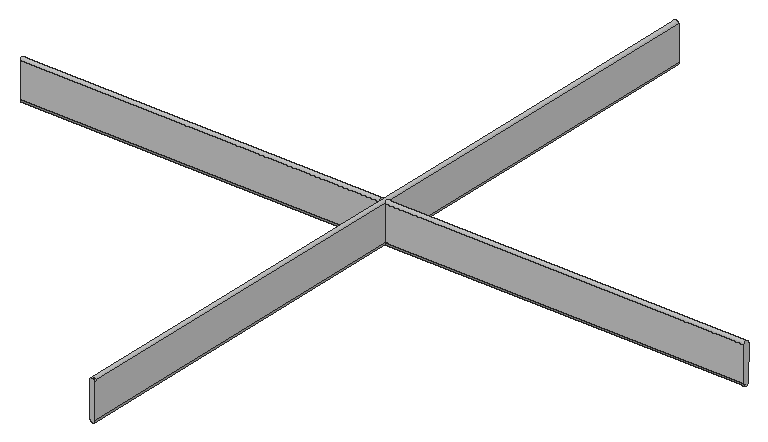
Revit family "Wall_Expansion_Joint-Emseal-Emshield-WFR2-(0.5-6-Inch)-Cross", category Specialty Equipment, host Face, Revit 2019
Family settings
  Host = Face
  Round Connector Dimension = Use Diameter
  Part Type = Normal
  OmniClass Number = 23.25.30.24
  OmniClass Title = Structural Walls
  Cut with Voids When Loaded = No
  Shared = No
  Room Calculation Point = No
Parameters (values of type "REFER TO TYPE CATALOG")
  Width = 0' - 0 1/2"
  Water Penetration of Curtain Wall By Uniform Static Air Pressure Difference (ASTM E331-00) = "No water penetration - 15 minute duration at 500 Delta-P(Pa), 1000 Delta-P(Pa),  and 5000 Delta-P(Pa)"  # constant formula
  URL = "http://www.emseal.com/"
  Tornado Resistance (Air Leakage) (ASTM E283) = "Tested to 200 mph with essentially no deflection"  # constant formula
  Top Length [instance] = 3' - 0"
  Thermal Conductivity (ASTM C518) = "0.9824 BTU*in/h*ft^2*F (0.1417 W/m*K)"  # constant formula
  Tensile Strength (ASTM D3574) = "21 psi min;  145 kPa"  # constant formula
  Temperature Range (ASTM C711) = "185°F (85°C) to -40°F (-40°C)"  # constant formula
  Standard Test Method For Structural Performance of Exterior Windows, Doors, Sylights and Curtain Walls by Uniform Static Air Pressure Difference (ASTM E330) = "1.9mm @ 4854Pa (200mph) 6-Inch width"  # constant formula
  Staining (ASTM C510) = "None"  # constant formula
  Seal Material Note = "WFR3 has a layer of Intumescent Sealant underneath the layers of silicone on both sides"  # constant formula
  Seal Material = Silicone - Sikasil WS-295
  STC Rating (Sound Transmission Class) (ASTM E90) = "STC 64 (in a STC 68 wall)"  # constant formula
  Right Length [instance] = 3' - 0"
  Rate of Air Leakage (ASTM E283) = "Passed"  # constant formula
  R Value Range (ASTM C518) = "1.03 per 1-inch (25mm) depth"  # constant formula
  Product data url = "https://cdn.emseal.com/wp-content/uploads/2016/06/emshield-wfr2-tech-data-2-hour-fire-rated-expansion-joint-wall-emseal.pdf"
  Product Page URL = "https://www.emseal.com/product/wfr2-fire-rated-wall-expansion-joint/"
  Product Documentation Link = "https://cdn.emseal.com/wp-content/uploads/2016/06/emshield-wfr2-tech-data-2-hour-fire-rated-expansion-joint-wall-emseal.pdf"
  Pick Resistant = "No"  # constant formula
  OITC Rating (Outdoor/Indoor Transmission Class) = "OITC 52 (in a OITC 52 wall)"  # constant formula
  Number of Sticks Required [instance] = (Right Length + Left Length + Top Length + Bottom Length) / 6' 6 23/32"  # 1.8293
  Movement (of Nominal Material Size) = "+/- 50%"
  Model = "WFR2"
  Manufacturer = "Emseal"  # constant formula
  Left Length [instance] = 3' - 0"
  Host Thickness = 0' 0" - Depth  # -0' - 4"
  Fire Resistance and Movement Cycling Regime (UL 2079, ASTM E1966, ASTM E119, ASTM E1399) = "Passed"  # constant formula
  Fire Rating (Hours per UL2079) = "2"
  Fire Rated Movement Rating (UL2079) = "Class II, III"  # constant formula
  Durometer Hardness of Silicone Coating (ASTM D2240) = "Shore A: 15"  # constant formula
  Description = "Fire Rated, Watertight, Sound Dampening, Primary Seal for Interior and Exterior Wall Expansion Joints"  # constant formula
  Depth = 0' - 4"
  Default Elevation = 4' - 0"
  Bottom Length [instance] = 3' - 0"
  Assembly Code = "B2010"
  Air Permeability (ASTM E283-04) = "0.00017 L/(s-m²) @ 75 Delta-P(Pa) 0.00017 L(s-m²) @ 250 Delta-P(Pa)"  # constant formula
  ABAA Compliance = "YES"  # constant formula
Reference planes (in)
  plane 1 "Center (Front/Back)": y = 0
  plane 2: z = 0
  plane 3 "Center (Left/Right)": x = 0
  plane 4: y = 36.25
  plane 5: y = -36.25
  plane 6: x = -0.25
  plane 7: x = 0.25
  plane 8: z = -4
  plane 9: y = -0.25
  plane 10: y = 0.25
  plane 11: x = -36
  plane 12: x = 36
  plane 13 "MR": z = 3.75
Forms (in)
  Extrusion 1, void
    sketch origin (0, 0, 0) x (1, 0, 0) y (0, 1, 0)
      loop
        line (-0.25, -36.25) -> (0.25, -36.25) -> (0.25, 36.25) -> (-0.25, 36.25) -> (-0.25, -36.25)
    from -120 to 0
  Extrusion 2, void
    sketch origin (0, 0, 0) x (1, 0, 0) y (0, 1, 0)
      loop
        line (-36, -0.25) -> (36, -0.25) -> (36, 0.25) -> (-36, 0.25) -> (-36, -0.25)
    from -120 to 0
Lines and regions (in)
  symbolic lines, detail levels medium+fine
    curve 1: line (-0.25, 0.25, 3.75) -> (-0.25, -0.25, 3.75)
    curve 2: line (0.25, 0.25, 3.75) -> (0.25, -0.25, 3.75)
Dimensions and locks (in)
  equal spacing: plane 6, plane 3 "Center (Left/Right)", plane 7
  "Width": plane 6 to plane 7
  level to plane 8 = 0' - 4"
  equal spacing: plane 9, plane 1 "Center (Front/Back)", plane 10
  "Width": plane 10 to plane 9
  "Left Length": plane 11 to plane 3 "Center (Left/Right)"
  "Right Length": plane 3 "Center (Left/Right)" to plane 12
  "Bottom Length": plane 9 to plane 5
  "Top Length": plane 4 to plane 10
  aligned and locked: host face to plane 2
  aligned and locked: host face to level
  aligned and locked: Extrusion 1 sketch curve to plane 5
  aligned and locked: Extrusion 1 sketch curve to plane 7
  aligned and locked: Extrusion 1 sketch curve to plane 6
  aligned and locked: Extrusion 1 sketch curve to plane 4
  aligned and locked: plane 2 to Extrusion 1
  aligned and locked: Extrusion 2 sketch curve to plane 9
  aligned and locked: Extrusion 2 sketch curve to plane 10
  aligned and locked: Extrusion 2 sketch curve to plane 11
  aligned and locked: plane 12 to Extrusion 2
  aligned and locked: plane 9 to curve 2
  aligned and locked: plane 10 to curve 2
  aligned and locked: plane 10 to curve 1
  aligned and locked: plane 9 to curve 1
  aligned and locked: plane 4 to nested 1
  aligned and locked: plane 5 to nested 1
  aligned and locked: nested 3 to plane 7
  aligned and locked: nested 2 to plane 6
  aligned and locked: nested 2 to plane 11
  aligned and locked: nested 3 to plane 12
  aligned and locked: nested 2 to plane 1 "Center (Front/Back)"
  aligned and locked: nested 3 to plane 1 "Center (Front/Back)"
  aligned and locked: plane 3 "Center (Left/Right)" to nested 1
Automatic sketch dimensions
  host sketch curve to host sketch curve = 21' - 11.44583"
  host sketch curve to host sketch curve = 17' - 2.14829"
  plane 6 to Extrusion 2 sketch curve = 3' - 0 1/4"
  curve 2 to plane 7 = 0' - 0"
  curve 1 to plane 6 = 0' - 0"
Nested families (in)
  nested 1: "EmShield_WFR_Bellow_Facebased" at (0, 0, 0), Width <- "Width", Depth <- "Depth", Seal Material <- "Seal Material", type "WFR"
    with Width 0' - 0 1/2", Triple Bellow no, Single Bellow yes, Seal Material Silicone - Sikasil WS-295, Quad Bellow no, Pent Bellow no, Length 6' - 0 1/2", Depth 0' - 4", Calc Width Triple 0' - 1 1/2", Calc Width Single 0' - 0 1/2", Calc Width Quad 0' - 3 131/256", Calc Width Pent 0' - 4 1/2"
  nested 2: "EmShield_WFR_Bellow_Facebased" at (-18.125, 0, 0) x (0, 1, 0) z (0, 0, 1), Width <- "Width", Depth <- "Depth", Seal Material <- "Seal Material", type "WFR"
    with Width 0' - 0 1/2", Triple Bellow no, Single Bellow yes, Seal Material Silicone - Sikasil WS-295, Quad Bellow no, Pent Bellow no, Length 2' - 11 3/4", Depth 0' - 4", Calc Width Triple 0' - 1 1/2", Calc Width Single 0' - 0 1/2", Calc Width Quad 0' - 3 131/256", Calc Width Pent 0' - 4 1/2"
  nested 3: "EmShield_WFR_Bellow_Facebased" at (18.125, 0, 0) x (0, 1, 0) z (0, 0, 1), Width <- "Width", Depth <- "Depth", Seal Material <- "Seal Material", type "WFR"
    with Width 0' - 0 1/2", Triple Bellow no, Single Bellow yes, Seal Material Silicone - Sikasil WS-295, Quad Bellow no, Pent Bellow no, Length 2' - 11 3/4", Depth 0' - 4", Calc Width Triple 0' - 1 1/2", Calc Width Single 0' - 0 1/2", Calc Width Quad 0' - 3 131/256", Calc Width Pent 0' - 4 1/2"
Definition of nested family "EmShield_WFR_Bellow_Facebased"
  Parameters
    Width [instance] = 0' - 4 3/4"
    Triple Bellow [instance] = and(Width > 0' 1 125/256", Width < 0' 3 131/256")  # no
    Single Bellow [instance] = Width < 0' 1 67/256"  # no
    Seal Material [instance] = none
    Quad Bellow [instance] = and(Width > 0' 3 189/256", Width < 0' 4 131/256")  # no
    Pent Bellow [instance] = and(Width > 0' 4 189/256", Width < 0' 6 3/256")  # yes
    Length [instance] = 7' - 0"
    Depth [instance] = 0' - 4"
    Default Elevation = 4' - 0"
    Calc Width Triple [instance] = if(or(Width > 0' 3 131/256", Width < 0' 1 125/256"), 0' 1 1/2", Width)  # 0' - 1 1/2"
    Calc Width Single [instance] = if(Width > 0' 1 67/256", 0' 1 67/256", Width)  # 0' - 1 67/256"
    Calc Width Quad [instance] = if(or(Width > 0' 4 131/256", Width < 0' 3 189/256"), 0' 3 131/256", Width)  # 0' - 3 131/256"
    Calc Width Pent [instance] = if(or(Width > 0' 6 3/256", Width < 0' 4 125/256"), 0' 4 1/2", Width)  # 0' - 4 3/4"
  Reference planes (in)
    plane 1 "Center (Front/Back)": y = 0
    plane 2: z = 0
    plane 3 "Center (Left/Right)": x = 0
    plane 4: y = 42
    plane 5: y = -42
    plane 6: x = -0.75
    plane 7: x = 0.75
    plane 8: z = -4
    plane 9: x = -0.87793
    plane 10: x = 0.87793
    plane 11: x = -0.25
    plane 12: x = 0.25
    plane 13: x = -1.75586
    plane 14: x = 1.75586
    plane 15: x = -0.63086
    plane 16: x = 0.63086
    plane 17: x = -2.375
    plane 18: x = 2.375
    plane 19: x = -5.625
    plane 20: x = 5.875
    plane 21: x = -1.425
    plane 22: x = -0.475
    plane 23: x = 0.475
    plane 24: x = -2.375
    plane 25: x = 2.375
    plane 26: x = 1.425
  Forms (in)
    Extrusion 1, solid
      sketch origin (0, 0, 0) x (1, 0, 0) y (0, 1, 0)
        loop
          line (-48, 48) -> (-48, -48) -> (48, -48) -> (48, 48) -> (-48, 48)
      from 0 to -12
    Extrusion 2, solid, material <- "Seal Material", visible <- "Quad Bellow", detail levels medium+fine
      sketch origin (0, 0, 0) x (1, 0, 0) y (0, 0, 1)
        loop
          line (1.75586, -3.56106) -> (1.75586, -0.43896)
          arc (1.75586, -0.43896) -> (1.31689, 0) -> (0.87793, -0.43896) r 0.43896
          arc (0.87793, -0.43896) -> (0.43896, 0) -> (0, -0.43896) r 0.43896
          arc (0, -0.43896) -> (-0.43896, 0) -> (-0.87793, -0.43896) r 0.43896
          arc (-0.87793, -0.43896) -> (-1.31689, 0) -> (-1.75586, -0.43896) r 0.43896
          line (-1.75586, -0.43896) -> (-1.75586, -3.56106)
          arc (-1.75586, -3.56106) -> (-1.31689, -4.00002) -> (-0.87793, -3.56106) r 0.43896
          arc (-0.87793, -3.56106) -> (-0.43896, -4.00002) -> (0, -3.56106) r 0.43896
          arc (0, -3.56106) -> (0.43896, -4.00002) -> (0.87793, -3.56106) r 0.43896
          arc (0.87793, -3.56106) -> (1.31689, -4.00002) -> (1.75586, -3.56106) r 0.43896
      from -42 to 42
    Extrusion 3, solid, material <- "Seal Material", visible <- "Triple Bellow", detail levels medium+fine
      sketch origin (0, 0, 0) x (1, 0, 0) y (0, 0, 1)
        loop
          line (-0.75, -0.25) -> (-0.75, -3.75)
          arc (-0.75, -3.75) -> (-0.5, -4) -> (-0.25, -3.75) r 0.25
          arc (-0.25, -3.75) -> (0, -4) -> (0.25, -3.75) r 0.25
          arc (0.25, -3.75) -> (0.5, -4) -> (0.75, -3.75) r 0.25
          line (0.75, -3.75) -> (0.75, -0.25)
          arc (0.75, -0.25) -> (0.5, 0) -> (0.25, -0.25) r 0.25
          arc (0.25, -0.25) -> (0, 0) -> (-0.25, -0.25) r 0.25
          arc (-0.25, -0.25) -> (-0.5, 0) -> (-0.75, -0.25) r 0.25
      from -42 to 42
    Extrusion 4, solid, material <- "Seal Material", visible <- "Single Bellow", detail levels medium+fine
      sketch origin (0, 0, 0) x (1, 0, 0) y (0, 0, 1)
        loop
          line (-0.63086, -0.63086) -> (-0.63086, -3.36914)
          arc (-0.63086, -3.36914) -> (0, -4) -> (0.63086, -3.36914) r 0.63086
          line (0.63086, -3.36914) -> (0.63086, -0.63086)
          arc (0.63086, -0.63086) -> (0, 0) -> (-0.63086, -0.63086) r 0.63086
      from -42 to 42
    Extrusion 5, solid, material <- "Seal Material", detail levels coarse
      sketch origin (0, 0, 0) x (1, 0, 0) y (0, 0, 1)
        loop
          line (2.375, -4) -> (2.375, 0) -> (-2.375, 0) -> (-2.375, -4) -> (2.375, -4)
      from -42 to 42
    Extrusion 6, solid, material <- "Seal Material", visible <- "Pent Bellow", detail levels medium+fine
      sketch origin (0, 0, 0) x (1, 0, 0) y (0, 0, 1)
        loop
          line (-2.375, -0.475) -> (-2.375, -3.52513)
          arc (-2.375, -3.52513) -> (-1.9, -4.00013) -> (-1.425, -3.52513) r 0.475
          arc (-1.425, -3.52513) -> (-0.95, -4.00013) -> (-0.475, -3.52513) r 0.475
          arc (-0.475, -3.52513) -> (0, -4.00013) -> (0.475, -3.52513) r 0.475
          arc (0.475, -3.52513) -> (0.95, -4.00013) -> (1.425, -3.52513) r 0.475
          arc (1.425, -3.52513) -> (1.9, -4.00013) -> (2.375, -3.52513) r 0.475
          line (2.375, -3.52513) -> (2.375, -0.475)
          arc (2.375, -0.475) -> (1.9, 0) -> (1.425, -0.475) r 0.475
          arc (1.425, -0.475) -> (0.95, 0) -> (0.475, -0.475) r 0.475
          arc (0.475, -0.475) -> (0, 0) -> (-0.475, -0.475) r 0.475
          arc (-0.475, -0.475) -> (-0.95, 0) -> (-1.425, -0.475) r 0.475
          arc (-1.425, -0.475) -> (-1.9, 0) -> (-2.375, -0.475) r 0.475
      from -42 to 42
  Lines and regions (in)
    Masking region 1
      outline origin (0, 0, 2.62265) x (-1, 0, 0) y (0, -1, 0)
        loop
          line (2.375, -42) -> (2.375, 42) -> (-2.375, 42) -> (-2.375, -42) -> (2.375, -42)
    Masking region 2, detail levels coarse
      outline origin (0, 0, 0) x (1, 0, 0) y (0, 0, 1)
        loop
          line (2.375, 0) -> (-2.375, 0) -> (-2.375, -4) -> (2.375, -4) -> (2.375, 0)
    Masking region 3, visible <- "Pent Bellow", detail levels medium+fine
      outline origin (0, 0, 0) x (1, 0, 0) y (0, 0, 1)
        loop
          arc (-1.425, -0.475) -> (-1.9, 0) -> (-2.375, -0.475) r 0.475
          line (-2.375, -0.475) -> (-2.375, -3.52513)
          arc (-2.375, -3.52513) -> (-1.9, -4.00013) -> (-1.425, -3.52513) r 0.475
          arc (-1.425, -3.52513) -> (-0.95, -4.00013) -> (-0.475, -3.52513) r 0.475
          arc (-0.475, -3.52513) -> (0, -4.00013) -> (0.475, -3.52513) r 0.475
          arc (0.475, -3.52513) -> (0.95, -4.00013) -> (1.425, -3.52513) r 0.475
          arc (1.425, -3.52513) -> (1.9, -4.00013) -> (2.375, -3.52513) r 0.475
          line (2.375, -3.52513) -> (2.375, -0.475)
          arc (2.375, -0.475) -> (1.9, 0) -> (1.425, -0.475) r 0.475
          arc (1.425, -0.475) -> (0.95, 0) -> (0.475, -0.475) r 0.475
          arc (0.475, -0.475) -> (0, 0) -> (-0.475, -0.475) r 0.475
          arc (-0.475, -0.475) -> (-0.95, 0) -> (-1.425, -0.475) r 0.475
    Masking region 4, visible <- "Quad Bellow", detail levels medium+fine
      outline origin (0, 0, 0) x (1, 0, 0) y (0, 0, 1)
        loop
          line (-1.75586, -0.43896) -> (-1.75586, -3.56106)
          arc (-1.75586, -3.56106) -> (-1.31689, -4.00002) -> (-0.87793, -3.56106) r 0.43896
          arc (-0.87793, -3.56106) -> (-0.43896, -4.00002) -> (0, -3.56106) r 0.43896
          arc (0, -3.56106) -> (0.43896, -4.00002) -> (0.87793, -3.56106) r 0.43896
          arc (0.87793, -3.56106) -> (1.31689, -4.00002) -> (1.75586, -3.56106) r 0.43896
          line (1.75586, -3.56106) -> (1.75586, -0.43896)
          arc (1.75586, -0.43896) -> (1.31689, 0) -> (0.87793, -0.43896) r 0.43896
          arc (0.87793, -0.43896) -> (0.43896, 0) -> (0, -0.43896) r 0.43896
          arc (0, -0.43896) -> (-0.43896, 0) -> (-0.87793, -0.43896) r 0.43896
          arc (-0.87793, -0.43896) -> (-1.31689, 0) -> (-1.75586, -0.43896) r 0.43896
    Masking region 5, visible <- "Single Bellow", detail levels medium+fine
      outline origin (0, 0, 0) x (1, 0, 0) y (0, 0, 1)
        loop
          arc (0.63086, -0.63086) -> (0, 0) -> (-0.63086, -0.63086) r 0.63086
          line (-0.63086, -0.63086) -> (-0.63086, -3.36914)
          arc (-0.63086, -3.36914) -> (0, -4) -> (0.63086, -3.36914) r 0.63086
          line (0.63086, -3.36914) -> (0.63086, -0.63086)
    Masking region 6, visible <- "Triple Bellow", detail levels medium+fine
      outline origin (0, 0, 0) x (1, 0, 0) y (0, 0, 1)
        loop
          arc (-0.25, -3.75) -> (0, -4) -> (0.25, -3.75) r 0.25
          arc (0.25, -3.75) -> (0.5, -4) -> (0.75, -3.75) r 0.25
          line (0.75, -3.75) -> (0.75, -0.25)
          arc (0.75, -0.25) -> (0.5, 0) -> (0.25, -0.25) r 0.25
          arc (0.25, -0.25) -> (0, 0) -> (-0.25, -0.25) r 0.25
          arc (-0.25, -0.25) -> (-0.5, 0) -> (-0.75, -0.25) r 0.25
          line (-0.75, -0.25) -> (-0.75, -3.75)
          arc (-0.75, -3.75) -> (-0.5, -4) -> (-0.25, -3.75) r 0.25
    Masking region 7
      outline origin (0, 0, 0) x (0, 1, 0) y (0, 0, 1)
        loop
          line (42, -4) -> (42, 0) -> (-42, 0) -> (-42, -4) -> (42, -4)
    symbolic lines, visible <- "Quad Bellow", detail levels medium+fine
      curve 1: line (-0.87793, 42, 2.62265) -> (-0.87793, -42, 2.62265)
      curve 2: line (0.87793, 42, 2.62265) -> (0.87793, -42, 2.62265)
      curve 3: line (0, 42, 2.62265) -> (0, -42, 2.62265)
    symbolic lines, visible <- "Triple Bellow", detail levels medium+fine
      curve 4: line (-0.25, 42, 0) -> (-0.25, -42, 0)
      curve 5: line (0.25, 42, 0) -> (0.25, -42, 0)
    symbolic lines, visible <- "Pent Bellow", detail levels medium+fine
      curve 6: line (-1.425, 42, 0) -> (-1.425, -42, 0)
      curve 7: line (-0.475, 42, 0) -> (-0.475, -42, 0)
      curve 8: line (0.475, 42, 0) -> (0.475, -42, 0)
      curve 9: line (1.425, 42, 0) -> (1.425, -42, 0)
  Dimensions and locks (in)
    "Length": plane 4 to plane 5
    equal spacing: plane 6, plane 3 "Center (Left/Right)", plane 7
    "Depth": level to plane 8
    plane 8 to Extrusion 2 sketch curve to Extrusion 2 sketch curve to Extrusion 2 sketch curve to Extrusion 2 sketch curve = 0' - 0.00002" locked, 0' - 0" locked, 0' - 0" locked, 0' - 0" locked
    Extrusion 2 sketch curve to Extrusion 2 sketch curve to Extrusion 2 sketch curve to Extrusion 2 sketch curve to plane 2 = 0' - 0" locked, 0' - 0" locked, 0' - 0" locked, 0' - 0" locked
    equal spacing: plane 4, plane 1 "Center (Front/Back)", plane 5
    plane 8 to Extrusion 3 sketch curve to Extrusion 3 sketch curve to Extrusion 3 sketch curve = 0' - 0" locked, 0' - 0" locked, 0' - 0" locked
    plane 2 to Extrusion 3 sketch curve to Extrusion 3 sketch curve to Extrusion 3 sketch curve = 0' - 0" locked, 0' - 0" locked, 0' - 0" locked
    equal spacing: plane 7, plane 12, plane 11, plane 6
    "Calc Width Triple": plane 7 to plane 6
    equal spacing: plane 14, plane 10, plane 3 "Center (Left/Right)", plane 9, plane 13
    "Calc Width Quad": plane 14 to plane 13
    equal spacing: plane 16, plane 3 "Center (Left/Right)", plane 15
    "Calc Width Single": plane 16 to plane 15
    locked: plane 8 to Extrusion 4 sketch curve at 0
    locked: plane 2 to Extrusion 4 sketch curve at 0
    equal spacing: plane 18, plane 3 "Center (Left/Right)", plane 17
    "Width": plane 18 to plane 17
    locked: plane 19 to plane 17 at 3.25
    locked: plane 18 to plane 20 at 3.5
    equal spacing: plane 25, plane 3 "Center (Left/Right)", plane 24
    "Calc Width Pent": plane 25 to plane 24
    equal spacing: plane 25, plane 26, plane 23, plane 22, plane 21, plane 24
    plane 8 to Extrusion 6 sketch curve to Extrusion 6 sketch curve to Extrusion 6 sketch curve to Extrusion 6 sketch curve to Extrusion 6 sketch curve = 0' - 0.00013" locked, 0' - 0" locked, 0' - 0" locked, 0' - 0" locked, 0' - 0" locked
    plane 2 to Extrusion 6 sketch curve to Extrusion 6 sketch curve to Extrusion 6 sketch curve to Extrusion 6 sketch curve to Extrusion 6 sketch curve = 0' - 0" locked, 0' - 0" locked, 0' - 0" locked, 0' - 0" locked, 0' - 0" locked
    aligned and locked: plane 2 to Extrusion 1
    aligned and locked: level to Extrusion 1
    aligned and locked: Masking region 1 sketch curve to plane 4
    aligned and locked: Masking region 1 sketch curve to plane 5
    aligned and locked: plane 5 to curve 1
    aligned and locked: plane 5 to curve 2
    aligned and locked: plane 4 to curve 2
    aligned and locked: plane 4 to curve 1
    aligned and locked: curve 3 to plane 3 "Center (Left/Right)"
    aligned and locked: plane 10 to Extrusion 2 sketch curve  (x2)
    aligned and locked: plane 3 "Center (Left/Right)" to Extrusion 2 sketch curve  (x2)
    aligned and locked: plane 9 to Extrusion 2 sketch curve  (x2)
    aligned and locked: Extrusion 2 to plane 5
    aligned and locked: plane 4 to Extrusion 2
    aligned and locked: plane 6 to Extrusion 3 sketch curve
    aligned and locked: plane 7 to Extrusion 3 sketch curve
    aligned and locked: plane 12 to Extrusion 3 sketch curve  (x2)
    aligned and locked: plane 11 to Extrusion 3 sketch curve  (x2)
    aligned and locked: plane 13 to Extrusion 2 sketch curve
    aligned and locked: Extrusion 2 sketch curve to plane 14
    aligned and locked: plane 15 to Extrusion 4 sketch curve
    aligned and locked: plane 16 to Extrusion 4 sketch curve
    aligned and locked: Extrusion 5 sketch curve to plane 8
    aligned and locked: Extrusion 5 sketch curve to plane 2
    aligned and locked: Extrusion 5 sketch curve to plane 17
    aligned and locked: Extrusion 5 sketch curve to plane 18
    aligned and locked: Extrusion 5 to plane 5
    aligned and locked: Extrusion 4 to plane 5
    aligned and locked: Extrusion 3 to plane 5
    aligned and locked: plane 4 to Extrusion 5
    aligned and locked: plane 4 to Extrusion 4
    aligned and locked: plane 4 to Extrusion 3
    aligned and locked: curve 4 to plane 11
    aligned and locked: curve 5 to plane 12
    aligned and locked: Masking region 1 sketch curve to plane 17
    aligned and locked: plane 18 to Masking region 1 sketch curve
    aligned and locked: plane 24 to Extrusion 6 sketch curve
    aligned and locked: plane 25 to Extrusion 6 sketch curve
    aligned and locked: plane 21 to Extrusion 6 sketch curve  (x2)
    aligned and locked: plane 22 to Extrusion 6 sketch curve  (x2)
    aligned and locked: plane 23 to Extrusion 6 sketch curve  (x2)
    aligned and locked: plane 26 to Extrusion 6 sketch curve  (x2)
    aligned and locked: Extrusion 6 to plane 5
    aligned and locked: plane 4 to Extrusion 6
    aligned and locked: curve 6 to plane 21
    aligned and locked: curve 7 to plane 22
    aligned and locked: curve 8 to plane 23
    aligned and locked: curve 9 to plane 26
    aligned and locked: Masking region 2 sketch curve to Extrusion 5  (x4)
    aligned and locked: Masking region 3 sketch curve to Extrusion 6  (x10)
    aligned and locked: Masking region 4 sketch curve to Extrusion 2  (x8)
    aligned and locked: Masking region 5 sketch curve to Extrusion 4  (x2)
    aligned and locked: Masking region 6 sketch curve to Extrusion 3  (x6)
    aligned and locked: plane 4 to Masking region 7 sketch curve
    aligned and locked: plane 5 to Masking region 7 sketch curve
    aligned and locked: plane 8 to Masking region 7 sketch curve
    aligned and locked: level to Masking region 7 sketch curve
  Automatic sketch dimensions
    Extrusion 1 sketch curve to Extrusion 1 sketch curve = 8' - 0"  (x2)
    curve 3 to plane 4 = 0' - 0"
    curve 3 to plane 5 = 0' - 0"
    curve 2 to plane 10 = 0' - 0"
    curve 1 to plane 9 = 0' - 0"
    Extrusion 3 sketch curve to Extrusion 3 sketch curve = 0' - 0"
    curve 4 to plane 5 = 0' - 0"
    curve 5 to plane 5 = 0' - 0"
    curve 5 to plane 4 = 0' - 0"
    curve 4 to plane 4 = 0' - 0"
    curve 6 to plane 5 = 0' - 0"
    plane 4 to curve 6 = 0' - 0"
    curve 7 to curve 6 = 0' - 0"
    curve 6 to curve 7 = 0' - 0"
    curve 8 to curve 7 = 0' - 0"
    curve 7 to curve 8 = 0' - 0"
    curve 9 to curve 8 = 0' - 0"
    curve 8 to curve 9 = 0' - 0"
